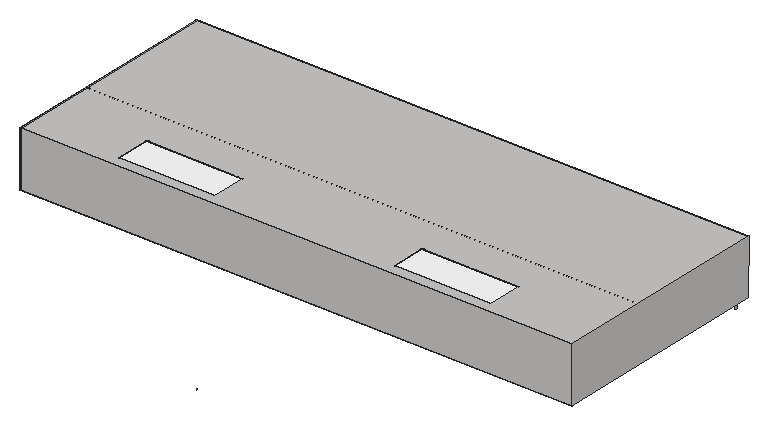
Revit family "QF_ELECTROLUXPROFESSIONAL_640208_EPF1640", category Specialty Equipment, Revit 2014
Reference planes
  plane 1: z = 0
  plane 2 "Center (Left/Right)": x = 150
  plane 3 "LEFT": x = -1850
  plane 4 "RIGHT": x = 2150
  plane 5 "BACK": y = 550
  plane 6 "TOP": z = 2400
  plane 7 "Base": z = 2000
  plane 8: z = 1970
  plane 9 "DrainY": y = 450
  plane 10: x = -1847
  plane 11: y = -720
  plane 12: y = -970
  plane 13 "DrainX": x = 2137
  plane 14 "AOLeft2": x = -500
  plane 15 "AORight1": x = 800
  plane 16: x = 2147
  plane 17: x = -1650
  plane 18: x = 1950
  plane 19: through (0, -449.6, 2399.19) normal (0, -0.5736, 0.8192)
  plane 20: x = 50
  plane 21: x = 250
  plane 22 "Center (Front/Back)": y = -250
  plane 23 "Front": y = -1050
  plane 24 "AOLeft1": x = -1200
  plane 25 "AORight2": x = 1500
Forms (mm)
  Extrusion 1, solid, material "QF_Finishes_Stainless Steel"
    sketch origin (-1850, 0, 360) x (0, 1, 0) y (0, 0, 1)
      loop
        line (550, 1640) -> (550, 2040) -> (-1050, 2040) -> (-1050, 1640) -> (550, 1640)
    from 0 to 3
  Extrusion 2, solid, material "QF_Finishes_Stainless Steel"
    sketch origin (2150, 0, 360) x (0, 1, 0) y (0, 0, 1)
      loop
        line (550, 1640) -> (550, 2040) -> (-1050, 2040) -> (-1050, 1640) -> (550, 1640)
    from 0 to -3
  Extrusion 3, solid, material "QF_Finishes_Stainless Steel"
    sketch origin (150, 0, 360) x (0, 1, 0) y (0, 0, 1)
      loop
        line (-1050, 2040) -> (-1050, 1640) -> (-1040, 1640) -> (-1040, 1640.8) -> (-1049.2, 1640.8) -> (-1049.2, 2039.19) -> (549.2, 2039.19) -> (549.2, 1640.8) -> (540, 1640.8) -> (540, 1640) -> (550, 1640) -> (550, 2040) -> (-1050, 2040)
    from -2000 to 2000
  Extrusion 4, solid, material "QF_Finishes_Stainless Steel"
    sketch origin (0, 0, 2000) x (0, 1, 0) y (-1, 0, 0)
      loop
        circle (450, -2137) r 4.763
    from -30 to 0
  Extrusion 5, void
    sketch origin (0, 0, 2400) x (0, 1, 0) y (-1, 0, 0)
      loop
        line (-720, 500) -> (-720, 1200) -> (-970, 1200) -> (-970, 500) -> (-720, 500)
    from 0 to -10
  Extrusion 6, solid, material "QF_Finishes_Stainless Steel"
    sketch origin (0, 0, 0) x (1, 0, 0) y (0, 1, 0)
      loop
        line (-1850, 550) -> (-1850, 549) -> (-1849, 549) -> (-1849, 550) -> (-1850, 550)
    from 0 to 1
  Extrusion 7, solid, material "QF_Finishes_Stainless Steel"
    sketch origin (150, 0, 360) x (0, 1, 0) y (0, 0, 1)
      loop
        line (-531.515, 1981.832) -> (-534.381, 1985.926) -> (-973.276, 1678.608) -> (-970.553, 1674.415) -> (-531.515, 1981.832)
    from -1800 to -1997
  Extrusion 8, solid, material "QF_Finishes_Stainless Steel"
    sketch origin (150, 0, 360) x (0, 1, 0) y (0, 0, 1)
      loop
        line (-1050, 2039.19) -> (-1050, 1640) -> (-1019.702, 1640) -> (-970.553, 1674.415) -> (-978.723, 1686.995) -> (-979.394, 1686.559) -> (-971.645, 1674.627) -> (-1019.955, 1640.8) -> (-1049.2, 1640.8) -> (-1049.2, 2039.19) -> (-1050, 2039.19)
      loop
        line (-449.6, 2039.19) -> (-450.995, 2039.19) -> (-531.319, 1982.947) -> (-539.464, 1994.578) -> (-540.119, 1994.12) -> (-531.515, 1981.832) -> (-449.6, 2039.19)
    from -1997 to 1997
  Extrusion 9, solid, material "QF_Finishes_Stainless Steel"
    sketch origin (150, 0, 360) x (0, 1, 0) y (0, 0, 1)
      loop
        line (-531.515, 1981.832) -> (-534.381, 1985.926) -> (-973.276, 1678.608) -> (-970.553, 1674.415) -> (-531.515, 1981.832)
    from 1997 to 1800
  Extrusion 10, solid, material "QF_Finishes_Stainless Steel"
    sketch origin (150, 0, 360) x (0, 1, 0) y (0, 0, 1)
      loop
        line (-531.515, 1981.832) -> (-534.381, 1985.926) -> (-973.276, 1678.608) -> (-970.553, 1674.415) -> (-531.515, 1981.832)
    from -100 to 100
  Extrusion 11, solid, material "QF_Finished_Chrome"
    sketch origin (150, 0, 360) x (0, 1, 0) y (0, 0, 1)
      loop
        line (-531.515, 1981.832) -> (-534.381, 1985.926) -> (-973.276, 1678.608) -> (-970.553, 1674.415) -> (-531.515, 1981.832)
    from -1800 to -100
  Extrusion 12, solid, material "QF_Finished_Chrome"
    sketch origin (150, 0, 360) x (0, 1, 0) y (0, 0, 1)
      loop
        line (-531.515, 1981.832) -> (-534.381, 1985.926) -> (-973.276, 1678.608) -> (-970.553, 1674.415) -> (-531.515, 1981.832)
    from 100 to 1800
  Sweep 13, solid, material "QF_Finishes_Stainless Steel"
    path origin (0, 0, 0) x (1, 0, 0) y (0, 1, 0)
      loop
        line (2150, 550) -> (-1850, 550) -> (-1850, -1050) -> (2150, -1050) -> (2150, 550)
    profile origin (2150, -250, 0) x (1, 0, 0) y (0, 0, 1)
      loop
        line (-3, 2000) -> (-3, 2000.8) -> (-19, 2000.8) -> (-19, 2010) -> (-20, 2010) -> (-20, 2000) -> (-3, 2000)
  Extrusion 14, solid, material "QF_Finishes_Stainless Steel"
    sketch origin (150, 0, 0) x (0, 1, 0) y (0, 0, 1)
      loop
        line (108.687, 2305.487) -> (549.2, 2040.8) -> (549.2, 2041.733) -> (109.285, 2306.061) -> (-443.438, 2399.19) -> (-445.739, 2399.19) -> (108.687, 2305.487)
    from -1997 to 1997
  Extrusion 15, void
    sketch origin (0, 0, 2400) x (0, 1, 0) y (-1, 0, 0)
      loop
        line (-720, -1500) -> (-720, -800) -> (-970, -800) -> (-970, -1500) -> (-720, -1500)
    from 0 to -10
Cuts and joins
  Extrusion 5, Extrusion 15 cuts Extrusion 3
  joined: Extrusion 2, Extrusion 3, Sweep 13
Lines and regions (mm)
  symbolic lines, style "SpecialityEquipment", detail levels coarse
    curve 1: line (2150, 550, 2400) -> (-1850, 550, 2400)
    curve 2: line (-1850, 550, 2400) -> (-1850, -1050.8, 2400)
    curve 3: line (2150, -1050.8, 2400) -> (2150, 550, 2400)
    curve 4: line (-1850, 550, 0) -> (2150, -1050, 0)
    curve 5: line (2150, 550, 0) -> (-1850, -1050, 0)
  symbolic lines, detail levels coarse
    curve 6: line (-1850, -1050, 0) -> (2150, -1050, 0)
    curve 7: line (-500, -720, 0) -> (-1200, -720, 0)
    curve 8: line (-500, -970, 0) -> (-500, -720, 0)
    curve 9: line (-1200, -970, 0) -> (-500, -970, 0)
    curve 10: line (-1200, -720, 0) -> (-1200, -970, 0)
    curve 11: line (1500, -720, 0) -> (800, -720, 0)
    curve 12: line (1500, -970, 0) -> (1500, -720, 0)
    curve 13: line (800, -970, 0) -> (1500, -970, 0)
    curve 14: line (800, -720, 0) -> (800, -970, 0)
Dimensions and locks
  plane 3 "LEFT" to plane 4 "RIGHT" = 4000 mm
  equal spacing: plane 3 "LEFT", plane 2 "Center (Left/Right)", plane 4 "RIGHT"
  plane 7 "Base" to plane 8 = 30 mm
  plane 5 "BACK" to plane 9 "DrainY" = 100 mm  (x2)
  plane 3 "LEFT" to plane 10 = 3 mm
  plane 13 "DrainX" to plane 4 "RIGHT" = 13 mm
  plane 16 to plane 4 "RIGHT" = 3 mm
  plane 3 "LEFT" to plane 17 = 200 mm
  plane 18 to plane 4 "RIGHT" = 200 mm
  locked: plane 14 "AOLeft2" to plane 15 "AORight1" at 1300
  equal spacing: plane 14 "AOLeft2", plane 2 "Center (Left/Right)", plane 15 "AORight1"
  locked: plane 7 "Base" to level at 2000
  locked: plane 6 "TOP" to plane 7 "Base" at 400
  locked: plane 20 to plane 21 at 200
  equal spacing: plane 20, plane 2 "Center (Left/Right)", plane 21
  locked: plane 11 to plane 12 at 250
  plane 5 "BACK" to plane 23 "Front" = 1600 mm  (x2)
  equal spacing: plane 5 "BACK", plane 22 "Center (Front/Back)", plane 23 "Front"
  plane 12 to plane 23 "Front" = 80 mm
  plane 24 "AOLeft1" to plane 14 "AOLeft2" = 700 mm
  plane 15 "AORight1" to plane 25 "AORight2" = 700 mm
  aligned and locked: level to plane 1
  aligned and locked: plane 4 "RIGHT" to Extrusion 3
  aligned and locked: Extrusion 3 to plane 3 "LEFT"
  aligned and locked: Extrusion 5 to plane 12
  aligned and locked: Extrusion 5 to plane 11
  aligned and locked: Extrusion 7 to plane 10
  aligned and locked: Extrusion 7 to plane 17
  aligned and locked: Extrusion 2 to plane 16
  aligned and locked: plane 16 to Extrusion 9
  aligned and locked: plane 18 to Extrusion 9
  aligned and locked: Extrusion 10 to plane 21
  aligned and locked: Extrusion 10 to plane 20
  aligned and locked: Extrusion 11 to plane 20
  aligned and locked: plane 17 to Extrusion 11
  aligned and locked: Extrusion 12 to plane 21
  aligned and locked: Extrusion 12 to plane 18
  aligned and locked: Extrusion 14 to plane 10
  aligned and locked: plane 16 to Extrusion 14
  aligned and locked: Extrusion 8 to plane 10
  aligned and locked: Extrusion 8 to plane 16
  aligned and locked: Extrusion 1 to plane 23 "Front"
  aligned and locked: Extrusion 5 to plane 24 "AOLeft1"
  aligned and locked: Extrusion 5 to plane 14 "AOLeft2"
  aligned and locked: plane 15 "AORight1" to Extrusion 15
  aligned and locked: plane 25 "AORight2" to Extrusion 15
Automatic sketch dimensions
  curve 6 to plane 3 "LEFT" = 0 mm
  curve 4 to plane 3 "LEFT" = 0 mm
  curve 5 to plane 4 "RIGHT" = 0 mm
  curve 6 to plane 4 "RIGHT" = 0 mm
  curve 4 to plane 23 "Front" = 0 mm
  curve 5 to plane 5 "BACK" = 0 mm
  curve 4 to plane 5 "BACK" = 0 mm
  curve 2 to plane 3 "LEFT" = 0 mm
  curve 3 to plane 4 "RIGHT" = 0 mm
  curve 2 to plane 5 "BACK" = 0 mm
  curve 3 to plane 23 "Front" = 0.8 mm
  curve 2 to plane 23 "Front" = 0.8 mm
  Extrusion 1 sketch curve to plane 7 "Base" = 0 mm
  Extrusion 1 sketch curve to plane 23 "Front" = 0 mm
  Extrusion 1 sketch curve to plane 5 "BACK" = 0 mm
  Extrusion 1 sketch curve to plane 6 "TOP" = 0 mm
  Extrusion 2 sketch curve to plane 7 "Base" = 0 mm
  Extrusion 2 sketch curve to plane 23 "Front" = 0 mm
  Extrusion 2 sketch curve to plane 5 "BACK" = 0 mm
  Extrusion 2 sketch curve to plane 6 "TOP" = 0 mm
  Extrusion 3 sketch curve to plane 6 "TOP" = 0 mm
  Extrusion 3 sketch curve to plane 23 "Front" = 0 mm
  Extrusion 3 sketch curve to plane 7 "Base" = 0 mm  (x2)
  Extrusion 3 sketch curve to plane 5 "BACK" = 0 mm
  plane 23 "Front" to Extrusion 3 sketch curve = 0.8 mm
  Extrusion 3 sketch curve to Extrusion 3 sketch curve = 9.2 mm
  plane 7 "Base" to Extrusion 3 sketch curve = 0.8 mm  (x2)
  Extrusion 3 sketch curve to plane 5 "BACK" = 10 mm
  Extrusion 3 sketch curve to plane 5 "BACK" = 0.8 mm
  Extrusion 3 sketch curve to plane 6 "TOP" = 0.81 mm
  Extrusion 4 sketch curve to plane 9 "DrainY" = 0 mm
  Extrusion 4 sketch curve to plane 13 "DrainX" = 0 mm
  Extrusion 5 sketch curve to plane 12 = 0 mm
  plane 11 to Extrusion 5 sketch curve = 0 mm
  Extrusion 5 sketch curve to plane 14 "AOLeft2" = 0 mm
  Extrusion 5 sketch curve to plane 24 "AOLeft1" = 0 mm
  Extrusion 6 sketch curve to plane 3 "LEFT" = 0 mm
  Extrusion 6 sketch curve to plane 5 "BACK" = 0 mm
  plane 3 "LEFT" to Extrusion 6 sketch curve = 1 mm
  Extrusion 6 sketch curve to Extrusion 6 sketch curve = 1 mm
  Extrusion 7 sketch curve to plane 19 = 0 mm  (x2)
  Extrusion 7 sketch curve to plane 12 = 3.276 mm
  Extrusion 7 sketch curve to plane 12 = 0.553 mm
  Extrusion 7 sketch curve to plane 6 "TOP" = 54.074 mm
  Extrusion 7 sketch curve to plane 11 = 185.619 mm
  Extrusion 8 sketch curve to plane 23 "Front" = 0 mm
  Extrusion 8 sketch curve to plane 7 "Base" = 0 mm
  Extrusion 8 sketch curve to plane 19 = 0 mm  (x4)
  plane 23 "Front" to Extrusion 8 sketch curve = 0.8 mm
  Extrusion 8 sketch curve to Extrusion 8 sketch curve = 0.252 mm
  Extrusion 8 sketch curve to plane 12 = 9.394 mm
  Extrusion 8 sketch curve to Extrusion 8 sketch curve = 0.671 mm
  Extrusion 8 sketch curve to plane 12 = 1.645 mm
  Extrusion 8 sketch curve to plane 12 = 0.553 mm
  Extrusion 8 sketch curve to plane 6 "TOP" = 45.88 mm
  Extrusion 8 sketch curve to plane 11 = 179.881 mm
  Extrusion 8 sketch curve to plane 6 "TOP" = 45.422 mm
  Extrusion 8 sketch curve to plane 6 "TOP" = 57.053 mm
  Extrusion 8 sketch curve to plane 6 "TOP" = 0.81 mm  (x2)
  plane 7 "Base" to Extrusion 8 sketch curve = 0.8 mm
  Extrusion 8 sketch curve to Extrusion 8 sketch curve = 0.212 mm
  Extrusion 9 sketch curve to plane 19 = 0 mm  (x2)
  Extrusion 9 sketch curve to plane 12 = 3.276 mm
  Extrusion 9 sketch curve to plane 12 = 0.553 mm
  Extrusion 9 sketch curve to plane 6 "TOP" = 54.074 mm
  Extrusion 9 sketch curve to plane 11 = 185.619 mm
  Extrusion 10 sketch curve to plane 19 = 0 mm  (x2)
  Extrusion 10 sketch curve to plane 12 = 3.276 mm
  Extrusion 10 sketch curve to plane 12 = 0.553 mm
  Extrusion 10 sketch curve to plane 6 "TOP" = 54.074 mm
  Extrusion 10 sketch curve to plane 11 = 185.619 mm
  Extrusion 11 sketch curve to plane 19 = 0 mm  (x2)
  Extrusion 11 sketch curve to plane 12 = 3.276 mm
  Extrusion 11 sketch curve to plane 12 = 0.553 mm
  Extrusion 11 sketch curve to plane 6 "TOP" = 54.074 mm
  Extrusion 11 sketch curve to plane 11 = 185.619 mm
  Extrusion 12 sketch curve to plane 19 = 0 mm  (x2)
  Extrusion 12 sketch curve to plane 12 = 3.276 mm
  Extrusion 12 sketch curve to plane 12 = 0.553 mm
  Extrusion 12 sketch curve to plane 6 "TOP" = 54.074 mm
  Extrusion 12 sketch curve to plane 11 = 185.619 mm
  Sweep 13 sketch curve to plane 3 "LEFT" = 0 mm
  Sweep 13 sketch curve to plane 4 "RIGHT" = 0 mm
  Sweep 13 sketch curve to plane 23 "Front" = 0 mm
  Sweep 13 sketch curve to plane 5 "BACK" = 0 mm
  profile plane to Sweep 13 sketch curve = 20 mm
  Sweep 13 sketch curve to Sweep 13 sketch curve = 1 mm
  profile plane to Sweep 13 sketch curve = 3 mm
  level to Sweep 13 sketch curve = 2000 mm
  Sweep 13 sketch curve to Sweep 13 sketch curve = 0.8 mm
  Sweep 13 sketch curve to Sweep 13 sketch curve = 9.2 mm
  Extrusion 14 sketch curve to plane 6 "TOP" = 0.81 mm
  Extrusion 14 sketch curve to plane 22 "Center (Front/Back)" = 195.739 mm
  Extrusion 14 sketch curve to Extrusion 14 sketch curve = 2.3 mm
  Extrusion 14 sketch curve to plane 6 "TOP" = 94.513 mm
  Extrusion 14 sketch curve to plane 9 "DrainY" = 341.313 mm
  Extrusion 14 sketch curve to plane 6 "TOP" = 93.939 mm
  Extrusion 14 sketch curve to Extrusion 14 sketch curve = 0.598 mm
  Extrusion 14 sketch curve to plane 5 "BACK" = 0.8 mm
  plane 7 "Base" to Extrusion 14 sketch curve = 41.733 mm
  Extrusion 14 sketch curve to Extrusion 14 sketch curve = 0.933 mm
  Extrusion 15 sketch curve to plane 12 = 0 mm
  plane 11 to Extrusion 15 sketch curve = 0 mm
  Extrusion 15 sketch curve to plane 14 "AOLeft2" = 2000 mm
  plane 24 "AOLeft1" to Extrusion 15 sketch curve = 2000 mm
  plane 11 to curve 7 = 0 mm
  curve 8 to plane 12 = 0 mm
  curve 8 to plane 14 "AOLeft2" = 0 mm
  curve 9 to plane 24 "AOLeft1" = 0 mm
  plane 11 to curve 11 = 0 mm
  curve 11 to plane 15 "AORight1" = 0 mm
  curve 12 to plane 12 = 0 mm
  curve 12 to plane 25 "AORight2" = 0 mm
  radius of Extrusion 4 sketch curve = 4.763 mm
Connectors
  piping at (2137, 450, 1970), diameter 9.5
    settings: on Extrusion 4, index 1, connector inside diameter 609.6 mm, connector length 0 mm, flow factor 0, pipe flow 0.0 L/s, pressure drop 0.0 Pa, fitting loss kfactor 0, connector angle 0.00°, fixture units 0, engagement length 0 mm, angle of deflection 0.00°, flow configuration 1, flow direction 2, fitting loss method 0, system type 16, joint type 0, gender type 0, connector reference index -1, connector utility 0, adjustable connector no, is connector primary yes, connector description "Drain"
  hvac at (-850, -845, 2400)
    settings: on Extrusion 5, index 2, duct flow 0.0 L/s, flow factor 0, pres drop 0.0 Pa, loss coef 0, conn angle 0.00°, conn width 250 mm, conn height 700 mm, conn diameter 609.6 mm, duct sys type 3, conn prof type 1, flow config 1, flow direction 0, loss method 0, conn ref index -1, conn util no, is conn primary yes, conn desc "EXHAUST OUTLET"
  hvac at (1150, -845, 2400)
    settings: on Extrusion 15, index 3, duct flow 0.0 L/s, flow factor 0, pres drop 0.0 Pa, loss coef 0, conn angle 0.00°, conn width 250 mm, conn height 700 mm, conn diameter 609.6 mm, duct sys type 3, conn prof type 1, flow config 1, flow direction 2, loss method 0, conn ref index -1, conn util no, is conn primary no, conn desc "EXHAUST OUTLET"
